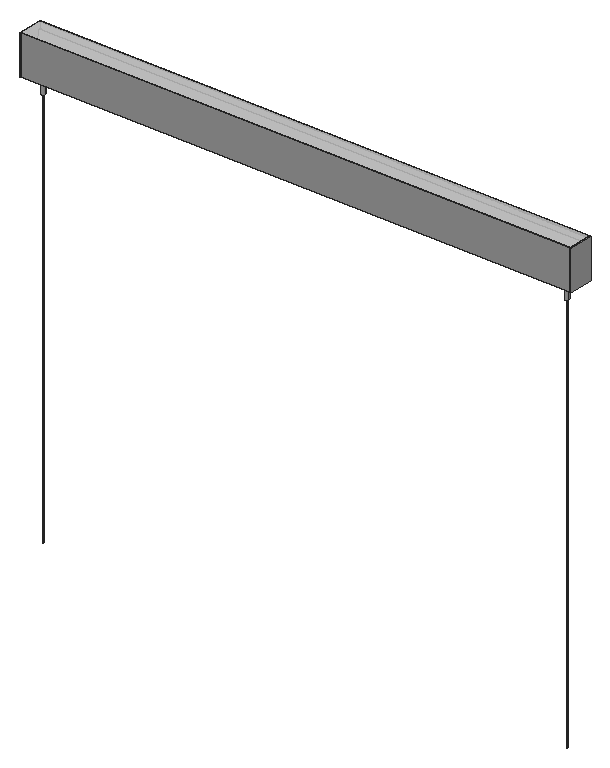
Revit family "2093152 Sylvania Lighting Fixture MC2-KIT 1-2M 3K DALIEM WHT PROS", category Lighting Fixtures, host Face, Revit 2016
Family settings
  Host = Face
  Part Type = Normal
  Round Connector Dimension = Use Diameter
  OmniClass Number = 23.80.70.11.17
  OmniClass Title = Specialized Lighting by Location or Use
  Cut with Voids When Loaded = No
  Light Source = Yes
  Shared = No
  Room Calculation Point = No
Parameters (values of type "2093152 MC2-KIT 1.2M 3K DALIEM WHT PRIS Emergency mode")
  Width_SYL = 54.0 mm
  Weight = "3.8 kg"
  Wattage = 23.97 W
  WarrantyStartDate [instance] = "n/a"
  WarrantyGuarantorParts = "n/a"
  WarrantyDurationUnit = "n/a"
  WarrantyDurationParts = "n/a"
  WarrantyDescription = "n/a"
  built-in parameter 1150110 = 1 (stored number, unit not read)
  Voltage = 0 V
  URL = "http://www.sylvania-lighting.com"
  TypeName = "MC2-KIT 1.2M 3K DALIEM WHT PRIS Emergency mode"
  built-in parameter 1114217 = 1 (stored number, unit not read)
  Tilt Angle = -90.00°
  built-in parameter 1150109 = 1 (stored number, unit not read)
  built-in parameter 1150134 = (empty or 0)
  built-in parameter 1150113 = 1 (stored number, unit not read)
  SerialNumber [instance] = "n/a"
  PowerFactor = 0.98
  PowerConsumption = "23.97 W"
  NominalWidth = 0.0 mm
  NominalLength = 1200.0 mm
  NominalHeight = 86.0 mm
  Name = "MC2-KIT 1.2M 3K DALIEM WHT PRIS Emergency mode"
  ModelReference = "MC2-KIT 1.2M 3K DALIEM WHT PRIS"
  ModelNumber = "2093152"
  Material_3_SYL = Metal_Sylvania_Mini Contiuum II_Silver
  Photometric Web File = "2093152EM.ies"
  Material_4_SYL = Metal_Sylvania_Mini Contiuum II_Silver
  MountingHeight_SYL [instance] = 1000.0 mm
  Material = "aluminium housing, polycarbonate diffuser"
  ManufacturerName = "Feilo Sylvania"
  LuminousEfficacy = "5.047 lm/W"
  LuminaireType = ""
  LightOutputRatio = "100"
  Length_SYL = 1200.0 mm
  LampsType = Lamp  # "LED"
  LampNominalLuminous = "121 lm"
  LampMacAdamStep = "3"
  LampColourTemperature = "3000 K"
  LampColourRenderingIndex = "80"
  Keynote = "16500"
  InstallationDate [instance] = "n/a"
  InputVoltage = "n/a"
  InputNominalFrequency = "n/a"
  IngressProtection = "IP20"
  ImpactProtectionIndex = "n/a"
  IfcExportType = "IfcLightFixtureType"
  IfcExportAs = "IfcLightFixtureType"
  Height_SYL = 86.0 mm
  ExpectedLife = 50000
  Emit from Rectangle Width = Width_SYL - 2.0 mm  # 52.0 mm
  Emit from Rectangle Length = Length_SYL  # 1200.0 mm
  Emit Shape Visible in Rendering = no
  ElectricShockClassification = "Class I"
  DurationUnit = "hours"
  DocumentationLiterature = "http://www.sylvania-lighting.com/product/en-int/products/2093152"
  DimmingControlOptions = "n/a"
  CreatedOn = "10/15/2018"
  CreatedBy = "@sylvania-lighting.com"
  built-in parameter 1114216 [instance] = 1 (stored number, unit not read)
  Model = "MC2-KIT 1.2M 3K DALIEM WHT PRIS"
  Manufacturer = "Feilo Sylvania"
  built-in parameter 1150105 = 9.6289 (stored number, unit not read)
  Lumens = 121 lm
  built-in parameter 1150115 = 1 (stored number, unit not read)
  built-in parameter 1150137 = (empty or 0)
  built-in parameter 1150139 = (empty or 0)
  built-in parameter 1150112 = 1 (stored number, unit not read)
  built-in parameter 1150114 = 1 (stored number, unit not read)
  Lamp = "LED"
  built-in parameter 1150132 = 2
  built-in parameter 1150102 = (empty or 0)
  built-in parameter 1150107 = 3000 (stored number, unit not read)
  built-in parameter 1150138 = (empty or 0)
  built-in parameter 1150106 = 0.096289 (stored number, unit not read)
  Material_1_SYL = Metal_Sylvania_Mini Continuum II_White
  built-in parameter 1150104 = 0.46897 (stored number, unit not read)
  Dimming Lamp Color Temperature Shift = <None>
  Material_2_SYL = Polycarbonate_Sylvania_Mini Continuum II_Opal_4000K
  Description = "2093152   MC2-KIT 1.2M 3K DALIEM WHT PRIS  Continuous lines of LED light, white RAL 9016, direct distribution, suspended kit version is pre-wired and supplied complete with end caps and suspension cables, compact and minimalist design based on the Golden Mean, ideal for offices, meeting rooms, corridors, education facilities, museums and libraries, extruded aluminium body, diffuser: micro prismatic, colour temperature: 3000K warm white, total system power: 24W, total fixture output: 2095lm, emergency output: 106lm, luminaire efficacy: 87lm/W, LOR: 100%, colour rendering: Ra >80, LED Chromacity: 1 step MacAdam ellipse, lifetime: 60,000 hours at 90% of the original output (L90), energy class: A++, A+, A, IR/UV free light source without heat radiation, operating voltage: 220-240V / 50-60Hz, drive current: 800mA, electronic driver, DALI dimmable, integral emergency: 3 hour maintained, electrical protection: CLASS I, IP20, suitable for internal environment only."
  Default Elevation = 0.0 mm
  Color Filter = 16777215
  built-in parameter 1140040 [instance] = 1
  BarCode [instance] = "n/a"
  built-in parameter 1114218 = 1 (stored number, unit not read)
  built-in parameter 1150133 = 10 (stored number, unit not read)
  AssetType = "Fixed"
  AssetIdentifier [instance] = "n/a"
  Assembly Code = "D5020200"
  Apparent Load = 23.97 VA
Types (2, lengths in mm): name | TypeName | Name | Photometric Web File | LuminousEfficacy | LampNominalLuminous | built-in parameter 1150105 | Lumens | built-in parameter 1150106 | built-in parameter 1150104
  2093152 MC2-KIT 1.2M 3K DALIEM WHT PRIS Emergency mode | "MC2-KIT 1.2M 3K DALIEM WHT PRIS Emergency mode" | "MC2-KIT 1.2M 3K DALIEM WHT PRIS Emergency mode" | "2093152EM.ies" | "5.047 lm/W" | "121 lm" | 9.6289 (stored number, unit not read) | 121 lm | 0.096289 (stored number, unit not read) | 0.46897 (stored number, unit not read)
  2093152 MC2-KIT 1.2M 3K DALIEM WHT PRIS | "MC2-KIT 1.2M 3K DALIEM WHT PRIS" | "MC2-KIT 1.2M 3K DALIEM WHT PRIS" | "2093152.ies" | "87 lm/W" | "2095 lm" | 165.95 (stored number, unit not read) | 2085.39 lm | 1.6595 (stored number, unit not read) | 8.0826 (stored number, unit not read)
Reference planes
  plane 1 "Center (Front/Back)": y = 0
  plane 2 "Bottom Fixtures": z = 0
  plane 3 "Center (Left/Right)": x = 0
  plane 4 "Fixture Left": x = -600
  plane 5 "Fixture Right": x = 600
  plane 6 "Fixture Bottom": z = 1000
  plane 7: z = 998
  plane 8: z = 996
  plane 9: z = 986.951
  plane 10: z = 956.951
  plane 11 "Fixture Top": z = 914
  plane 12 "Mounting Right": x = 572
  plane 13 "Mounting Left": x = -572
  plane 14: z = 879
  plane 15: y = 27
  plane 16: y = -27
  plane 17: y = -26
  plane 18: y = -25
  plane 19: y = 26
  plane 20: y = 25
  plane 21: y = 11
  plane 22: y = -11
  plane 23: y = 24
  plane 24: y = 22
  plane 25: y = -22
  plane 26: y = 15
  plane 27: y = -15
  plane 28 "Upper Diffuser Left": x = -450
  plane 29 "Upper Diffuser Right": x = 450
  plane 30: x = -602
  plane 31: x = 602
Forms (mm)
  Extrusion 1, solid, material "Metal_Sylvania_Mini Continuum II_White" <- "Material_1_SYL", detail levels fine
    sketch origin (0, 0, 520) x (0, 1, 0) y (0, 0, 1)
      loop
        line (27, 480) -> (26, 480) -> (26, 478) -> (25, 478) -> (25, 396) -> (13, 396) -> (13, 398) -> (-13, 398) -> (-13, 396) -> (-25, 396) -> (-25, 478) -> (-26, 478) -> (-26, 480) -> (-27, 480) -> (-27, 394) -> (-11, 394) -> (-11, 396) -> (11, 396) -> (11, 394) -> (27, 394) -> (27, 480)
    from -600 to 600
  Extrusion 2, solid, material "Polycarbonate_Sylvania_Mini Continuum II_Opal_4000K" <- "Material_2_SYL", detail levels fine
    sketch origin (0, 0, 520) x (0, 1, 0) y (0, 0, 1)
      loop
        line (-26, 480) -> (-26, 478) -> (26, 478) -> (26, 480) -> (-26, 480)
    from -600 to 600
  Extrusion 3, solid, material "Metal_Sylvania_Mini Contiuum II_Silver" <- "Material_3_SYL", detail levels fine
    sketch origin (0, 0, 520) x (0, 1, 0) y (0, 0, 1)
      loop
        line (22, 466.951) -> (20.973, 466.951) -> (14.206, 437.951) -> (11, 437.951) -> (11, 436.951) -> (15, 436.951) -> (22, 466.951)
      loop
        line (-15, 436.951) -> (-11, 436.951) -> (-11, 437.951) -> (-14.206, 437.951) -> (-20.973, 466.951) -> (-22, 466.951) -> (-15, 436.951)
    from -600 to 600
  Extrusion 4, solid, material "Metal_Sylvania_Mini Continuum II_White" <- "Material_1_SYL", detail levels coarse+medium
    sketch origin (0, 0, 520) x (0, 1, 0) y (0, 0, 1)
      loop
        line (-27, 480) -> (-27, 394) -> (27, 394) -> (27, 480) -> (-27, 480)
    from -600 to 600
  Extrusion 5, solid, material "Metal_Sylvania_Mini Contiuum II_Silver" <- "Material_4_SYL", detail levels fine
    sketch origin (0, 0, -86) x (-1, 0, 0) y (0, -1, 0)
      loop
        circle (572, 0) r 4
      loop
        circle (-572, 0) r 4
    from 965 to 1002
  Extrusion 6, solid, material "Metal_Sylvania_Mini Contiuum II_Silver" <- "Material_4_SYL", detail levels fine
    sketch origin (0, 0, -86) x (-1, 0, 0) y (0, -1, 0)
      loop
        circle (-572, 0) r 1
      loop
        circle (572, 0) r 1
    from 86 to 965
  Extrusion 7, solid, material "Metal_Sylvania_Mini Continuum II_White" <- "Material_1_SYL"
    sketch origin (-600, 171.684, 1219.2) x (0, 1, 0) y (0, 0, 1)
      loop
        line (-198.684, -305.2) -> (-144.684, -305.2) -> (-144.684, -219.2) -> (-198.684, -219.2) -> (-198.684, -305.2)
    from 0 to -2
  Extrusion 8, solid, material "Metal_Sylvania_Mini Continuum II_White" <- "Material_1_SYL"
    sketch origin (600, 171.684, 1219.2) x (0, 1, 0) y (0, 0, -1)
      loop
        line (-144.684, 219.2) -> (-144.684, 305.2) -> (-198.684, 305.2) -> (-198.684, 219.2) -> (-144.684, 219.2)
    from 0 to -2
Lines and regions (mm)
  Masking region 1
    outline origin (0, 0, -86) x (-1, 0, 0) y (0, -1, 0)
      loop
        line (600, -27) -> (600, 27) -> (-600, 27) -> (-600, -27) -> (600, -27)
  symbolic lines, detail levels fine
    curve 1: line (-600, 26, -86) -> (600, 26, -86)
    curve 2: line (-600, -26, -86) -> (600, -26, -86)
  model lines, detail levels coarse+medium
    curve 3: line (-572, 0, 914) -> (-572, 0, 0)
    curve 4: line (572, 0, 914) -> (572, 0, 0)
Dimensions and locks
  host sketch curve to plane 3 "Center (Left/Right)" to host sketch curve = 820.0 mm, 775.047 mm
  equal spacing: plane 4 "Fixture Left", plane 3 "Center (Left/Right)", plane 5 "Fixture Right"
  "Length_SYL": plane 4 "Fixture Left" to plane 5 "Fixture Right"
  plane 6 "Fixture Bottom" to plane 7 to plane 8 to plane 9 to plane 10 = 2.0 mm locked, 2.0 mm locked, 9.049 mm locked, 30.0 mm locked
  locked: Extrusion 1 sketch curve to Extrusion 1 sketch curve at 2
  locked: Extrusion 1 sketch curve to plane 11 "Fixture Top" at 2
  "Height_SYL": plane 6 "Fixture Bottom" to plane 11 "Fixture Top"
  locked: plane 12 "Mounting Right" to plane 5 "Fixture Right" at 28
  locked: plane 4 "Fixture Left" to plane 13 "Mounting Left" at 28
  locked: plane 11 "Fixture Top" to plane 14 at 35
  "MountingHeight_SYL": plane 6 "Fixture Bottom" to plane 2 "Bottom Fixtures"
  equal spacing: plane 15, plane 1 "Center (Front/Back)", plane 16
  "Width_SYL": plane 15 to plane 16
  plane 22 to plane 27 to plane 25 to plane 18 to plane 17 to plane 16 = 4.0 mm locked, 7.0 mm locked, 3.0 mm locked, 1.0 mm locked, 1.0 mm locked
  plane 15 to plane 19 to plane 20 to plane 23 to plane 24 to plane 26 to plane 21 = 1.0 mm locked, 1.0 mm locked, 1.0 mm locked, 2.0 mm locked, 7.0 mm locked, 4.0 mm locked
  locked: plane 4 "Fixture Left" to plane 28 "Upper Diffuser Left" at 150
  locked: plane 29 "Upper Diffuser Right" to plane 5 "Fixture Right" at 150
  equal spacing: plane 30, plane 3 "Center (Left/Right)", plane 31
  locked: plane 30 to plane 4 "Fixture Left" at 2
  aligned and locked: plane 2 "Bottom Fixtures" to host face
  aligned and locked: level to host face
  aligned and locked: plane 5 "Fixture Right" to curve 1
  aligned and locked: plane 4 "Fixture Left" to curve 1
  aligned and locked: plane 4 "Fixture Left" to curve 2
  aligned and locked: plane 5 "Fixture Right" to curve 2
  aligned and locked: Extrusion 1 sketch curve to plane 7
  aligned and locked: plane 6 "Fixture Bottom" to Extrusion 1 sketch curve  (x2)
  aligned and locked: plane 7 to Extrusion 1 sketch curve
  aligned and locked: Extrusion 1 to Extrusion 2 sketch curve
  aligned and locked: Extrusion 2 sketch curve to Extrusion 1  (x3)
  aligned and locked: Extrusion 3 sketch curve to plane 10
  aligned and locked: plane 9 to Extrusion 3 sketch curve
  aligned and locked: Extrusion 3 sketch curve to plane 9
  aligned and locked: Extrusion 4 sketch curve to plane 6 "Fixture Bottom"
  aligned and locked: Extrusion 4 to plane 4 "Fixture Left"
  aligned and locked: Extrusion 2 to plane 4 "Fixture Left"
  aligned and locked: Extrusion 3 to plane 4 "Fixture Left"
  aligned and locked: Extrusion 1 to plane 4 "Fixture Left"
  aligned and locked: Extrusion 4 to plane 5 "Fixture Right"
  aligned and locked: Extrusion 2 to plane 5 "Fixture Right"
  aligned and locked: Extrusion 3 to plane 5 "Fixture Right"
  aligned and locked: Extrusion 1 to plane 5 "Fixture Right"
  aligned and locked: plane 11 "Fixture Top" to Extrusion 4 sketch curve
  aligned and locked: Extrusion 1 sketch curve to plane 11 "Fixture Top"  (x2)
  aligned and locked: Extrusion 1 sketch curve to Extrusion 1 sketch curve
  aligned and locked: plane 6 "Fixture Bottom" to imposter light
  aligned and locked: plane 11 "Fixture Top" to curve 3
  aligned and locked: plane 2 "Bottom Fixtures" to curve 3
  aligned and locked: plane 11 "Fixture Top" to curve 4
  aligned and locked: plane 2 "Bottom Fixtures" to curve 4
  aligned and locked: curve 4 to plane 12 "Mounting Right"
  aligned and locked: curve 3 to plane 13 "Mounting Left"
  aligned and locked: Extrusion 5 to Extrusion 1
  aligned and locked: Extrusion 5 to plane 14
  aligned and locked: plane 14 to Extrusion 6
  aligned and locked: Extrusion 6 to level
  aligned and locked: plane 21 to Extrusion 3 sketch curve
  aligned and locked: Extrusion 3 sketch curve to plane 22
  aligned and locked: Extrusion 7 sketch curve to Extrusion 4  (x4)
  aligned and locked: Extrusion 7 to plane 30
  aligned and locked: plane 4 "Fixture Left" to Extrusion 7
  aligned and locked: Extrusion 8 sketch curve to Extrusion 4  (x4)
  aligned and locked: plane 31 to Extrusion 8
  aligned and locked: plane 5 "Fixture Right" to Extrusion 8
Automatic sketch dimensions
  host sketch curve to host sketch curve = 1047.463 mm
  plane 19 to curve 1 = 0.0 mm
  curve 2 to plane 17 = 0.0 mm
  Masking region 1 sketch curve to plane 5 "Fixture Right" = 0.0 mm
  Masking region 1 sketch curve to plane 4 "Fixture Left" = 0.0 mm
  plane 15 to Masking region 1 sketch curve = 0.0 mm
  Masking region 1 sketch curve to plane 16 = 0.0 mm
  Extrusion 1 sketch curve to plane 16 = 0.0 mm
  Extrusion 1 sketch curve to plane 17 = 0.0 mm
  Extrusion 1 sketch curve to plane 18 = 0.0 mm
  Extrusion 1 sketch curve to plane 22 = 0.0 mm
  Extrusion 1 sketch curve to plane 21 = 0.0 mm
  Extrusion 1 sketch curve to plane 20 = 0.0 mm
  Extrusion 1 sketch curve to plane 19 = 0.0 mm
  Extrusion 1 sketch curve to plane 15 = 0.0 mm
  plane 11 "Fixture Top" to Extrusion 1 sketch curve = 2.0 mm
  Extrusion 1 sketch curve to plane 22 = 2.0 mm
  Extrusion 1 sketch curve to plane 21 = 2.0 mm
  Extrusion 3 sketch curve to plane 25 = 0.0 mm
  Extrusion 3 sketch curve to plane 27 = 0.0 mm
  Extrusion 3 sketch curve to plane 26 = 0.0 mm
  Extrusion 3 sketch curve to plane 24 = 0.0 mm
  plane 10 to Extrusion 3 sketch curve = 1.0 mm
  Extrusion 3 sketch curve to Extrusion 3 sketch curve = 1.027 mm
  plane 27 to Extrusion 3 sketch curve = 0.794 mm
  plane 26 to Extrusion 3 sketch curve = 0.794 mm
  plane 24 to Extrusion 3 sketch curve = 1.027 mm
  Extrusion 4 sketch curve to plane 16 = 0.0 mm
  Extrusion 4 sketch curve to plane 15 = 0.0 mm
  plane 1 "Center (Front/Back)" to Extrusion 5 sketch curve = 0.0 mm  (x2)
  Extrusion 5 sketch curve to plane 12 "Mounting Right" = 0.0 mm
  Extrusion 5 sketch curve to plane 13 "Mounting Left" = 0.0 mm
  plane 1 "Center (Front/Back)" to Extrusion 6 sketch curve = 0.0 mm  (x2)
  Extrusion 6 sketch curve to plane 12 "Mounting Right" = 0.0 mm
  Extrusion 6 sketch curve to plane 13 "Mounting Left" = 0.0 mm
  Extrusion 3 sketch curve to Extrusion 3 sketch curve = 0.0 mm
  Extrusion 3 sketch curve to plane 10 = 0.0 mm
  radius of Extrusion 5 sketch curve = 4.0 mm  (x2)
  radius of Extrusion 6 sketch curve = 1.0 mm  (x2)
Connectors
  electrical at (600, 0, 949), driven by "Apparent Load"
    settings: on Extrusion 1, index 1, voltage 230 V, apparent load 0 VA, apparent load phase1 23.97 VA, apparent load phase2 0 VA, apparent load phase3 0 VA, power factor 1, load classification "Lighting", number of poles 1, system type 31, power factor state 1, is connector primary yes, connector utility no, sub classification motor no, connector description ""
